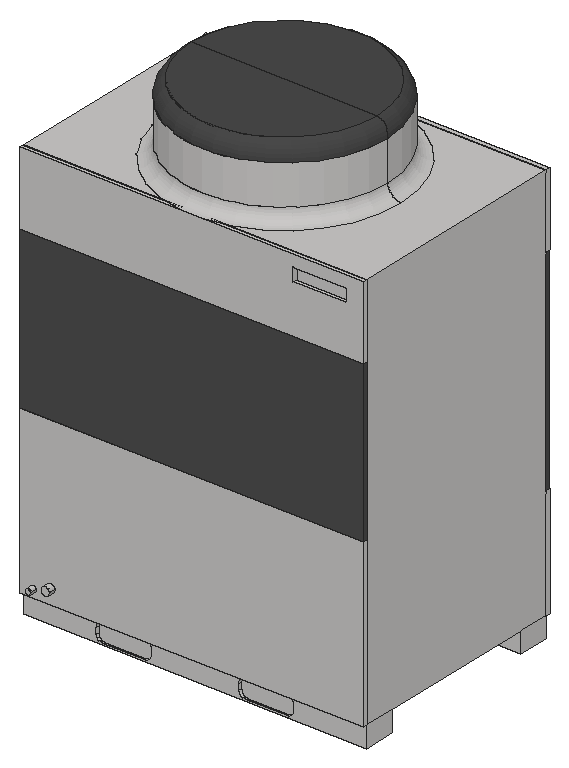
Revit family
Parameters (values of type "PURY-P144TGMU-A")
  Width = 1290 mm
  URL = ""
  Subcategory = "HVAC"
  Specification URL = "http://www.mrslim.com/customerCare/resources.asp"
  Sound Pressure Levels (dB(A)) = "61"
  SmartBIM Object Version = 3  # constant formula
  SmartBIM Object Created By = "Reed Construction Data"  # constant formula
  Refrigerant Type = "R410A"  # constant formula
  Refig Service Valve (Liquid) Radius = 10 mm
  Refig Service Valve (Gas) Radius = 15 mm
  Protection Devices Inverter = "Overcurrent protection, Overheat Protection"  # constant formula
  Protection Devices High Pressure Protection = "601Psi"  # constant formula
  Protection Devices Fan = "Thermal Switch"  # constant formula
  Protection Devices Compressor = "Over Heat Protection"  # constant formula
  Power Supply Unit = 15 mm
  Power Source = "208-230/3/60"
  Power Input Heating = "13.67 kW"  # constant formula
  Power Input Cooling = "14.20 kW"  # constant formula
  Refirigerant Pipe diameter (Liquid) = "7/8\""
  Refirigerant Pipe diameter (Gas) = "1-1/8\""
  Unit Weight (LBS) = "672"
  Model = "PURY-P144TGMU-A"
  Manufacturer URL = "http://www.mrslim.com/customerCare/resources.asp"
  Manufacturer = "Mitsubishi Electric"  # constant formula
  Lubricant = "MEL32"  # constant formula
  Installation URL = "http://www.mrslim.com/customerCare/resources.asp"
  Indoor Unit Total Capacity = "50% - 150% of outdoor unit capacity"  # constant formula
  Indoor Unit Model / Quantity = "P06-P96 / 1 ~ 22"  # constant formula
  High Static Pressure Motor = "PAC-KBU04MT-U-F"  # constant formula
  Height = 1840 mm
  Heating Outdoor = "-4°F (-20°C) WB ~ 60°F (15.5°C) WB"  # constant formula
  Fan Motor Output = "0.64 kW"  # constant formula
  MCA = "55/50"
  MOCP = "75"
  External Finish = Pre-coated Galvanized Sheet
  Description = "TGMU Units"  # constant formula
  Depth = 840 mm
  Default Elevation = 1219.2 mm
  Cooling Outdoor = "23°F (-5°C) DB ~ 109°F (43°C) DB"  # constant formula
  Heating Capacity (BTU) = "160000"
  Fan Type x Quantity = "Propeller Fan x 1"  # constant formula
  Current Heating (208/230) = "42.1 / 38.1 A"  # constant formula
  Current Cooling (208/230) = "43.8 / 39.6 A"  # constant formula
  Cooling Capacity (BTU) = "144000"
  Compressor Type = "Inverter scroll hermetic"
  Compressor Motor Output = "9.7 kW"  # constant formula
  Fan Airflow Rate = "8,450 CFM"  # constant formula
  Compressor Crankcase Heater = "57 Watt @ 230 V"  # constant formula
  Back Air Inlet Unit Material = Metal Grille
  Assembly Code = "D3050200"
  Air Outlet Unit Radius = 350 mm
  Air Outlet Unit Material = Metal Grill
  Air Inlet Unit Material = Grille
  Air Inlet Height = 600 mm
  Air Inlet Bck Unit Height = 804.4 mm
  95 CSI = "15670"  # constant formula
  04 CSI = "23 81 26"  # constant formula
Types (2, lengths in mm): name | Refirigerant Pipe diameter (Liquid) | Unit Weight (LBS) | Model | Air Outlet Unit Material
  PURY-P144TGMU-A | "7/8\"" | "672" | "PURY-P144TGMU-A" | Metal Grill
  PUHY-P144TGMU-A | "1/2\"" | "616" | "PUHY-P144TGMU-A" | Metal Grille
Reference planes
  plane 1 "Center (Front/Back)": y = 0
  plane 2: z = 0
  plane 3 "Center (Left/Right)": x = 0
  plane 4 "Top": z = 1840
  plane 5 "Back": y = 420
  plane 6 "Front": y = -420
  plane 7 "Left": x = -645
  plane 8 "Right": x = 645
  plane 9: z = 1775.012
  plane 10: z = 1575
  plane 11: z = 78
  plane 12: z = 699.8
  plane 13: z = 1299.8
  plane 14: y = -460
Forms (mm)
  Extrusion 1, solid, material "Pre-coated Galvanized Sheet" <- "External Finish"
    sketch origin (0, 0, 0) x (1, 0, 0) y (0, 0, 1)
      loop
        circle (-595, 107.633) r 10
      loop
        circle (-530, 133) r 15
    from 436 to 460
Dimensions and locks
  "Height": plane 4 "Top" to level
  equal spacing: plane 6 "Front", plane 1 "Center (Front/Back)", plane 5 "Back"
  "Depth": plane 6 "Front" to plane 5 "Back"
  equal spacing: plane 7 "Left", plane 3 "Center (Left/Right)", plane 8 "Right"
  "Width": plane 7 "Left" to plane 8 "Right"
  plane 4 "Top" to plane 10 = 265 mm
  plane 11 to level = 78 mm
  plane 12 to plane 11 = 621.8 mm
  plane 10 to level = 1575 mm
  locked: Extrusion 1 sketch curve to plane 11 at 19.633
  locked: plane 7 "Left" to Extrusion 1 sketch curve at 40
  locked: Extrusion 1 sketch curve to plane 11 at 40
  locked: plane 7 "Left" to Extrusion 1 sketch curve at 100
  locked: plane 6 "Front" to plane 14 at 40
  "Refig Service Valve (Liquid) Radius": radius of Extrusion 1 sketch curve
  "Refig Service Valve (Gas) Radius": radius of Extrusion 1 sketch curve
  aligned and locked: plane 3 "Center (Left/Right)" to nested 1
  aligned and locked: plane 1 "Center (Front/Back)" to nested 1
  aligned and locked: plane 4 "Top" to nested 1
  aligned and locked: plane 10 to nested 1
  aligned and locked: plane 14 to Extrusion 1
  aligned and locked: nested 1 to Extrusion 1
Nested families
  nested 1: "Out-Door-Unit-R2-Series_Mistdubishi_Electric" at (-2.074, 0.299, 0), type "Out-Door-Unit-R2-Series_Mistdubishi_Electric"
Connectors
  electrical at (-670, -236.461, 106.364)
    settings: on nested 1, index 3
  piping at (-595, -460, 107.633), driven by "Refig Service Valve (Liquid) Radius"
    settings: on Extrusion 1, index 7
  piping at (-530, -460, 133), driven by "Refig Service Valve (Gas) Radius"
    settings: on Extrusion 1, index 8
Definition of nested family "Out-Door-Unit-R2-Series_Mistdubishi_Electric"
  Parameters (values of type "Out-Door-Unit-R2-Series_Mistdubishi_Electric")
    Width = 1290 mm
    Refig Service Valve (Liquid) Radius = 10 mm
    Refig Service Valve (Gas) Radius = 15 mm
    Power Supply Unit = 15 mm
    Height = 1840 mm
    Grille = Metal Grille
    External Material = Pre-coated Galvanized Sheet
    Depth = 840 mm
    Default Elevation = 1219.2 mm
    Assembly Code = ""
    Air Outlet Unit Radius = 350 mm
    Air Outlet Unit Material = Metal Grille
    Air Inlet Unit Material = Grille
    Air Inlet Height = 600 mm
    Air Inlet Bck Unit Height = 804.4 mm
  Reference planes
    plane 1 "Center (Front/Back)": y = -0.299
    plane 2: z = 0
    plane 3 "Center (Left/Right)": x = 2.074
    plane 4: x = -642.926
    plane 5: x = 647.074
    plane 6: y = 419.701
    plane 7: y = -420.299
    plane 8: z = 1840
    plane 9: z = 787.5
    plane 10: z = 1575
    plane 11: z = 78
    plane 12: y = -303.299
    plane 13: y = -410.299
    plane 14: y = 302.701
    plane 15: z = 1299.8
    plane 16: z = 699.8
    plane 17: y = -436.299
    plane 18: y = 435.701
    plane 19: z = 999.8
    plane 20: y = 409.701
    plane 21: z = 1775
    plane 22: z = 495.4
    plane 23: x = -0.89
    plane 24: y = 216.884
    plane 25: x = -667.926
    plane 26: x = 352.074
    plane 27: y = -476.299
  Forms (mm)
    Extrusion 1, solid, material "Pre-coated Galvanized Sheet" <- "External Material"
      sketch origin (0, 0, 0) x (1, 0, 0) y (0, 1, 0)
        loop
          line (-642.926, 419.701) -> (-642.926, -420.299) -> (647.074, -420.299) -> (647.074, 419.701) -> (-642.926, 419.701)
      from 78 to 1575
    Revolve 2, solid, material "Pre-coated Galvanized Sheet" <- "External Material"
      sketch origin (0, -0.299, 0) x (1, 0, 0) y (0, 0, 1)
        loop
          line (2.074, 1575) -> (438.062, 1575)
          arc (438.062, 1575) -> (402.706, 1589.645) -> (388.062, 1625) r 50
          line (388.062, 1625) -> (388.062, 1775) -> (2.074, 1775) -> (2.074, 1575)
        axis (2.074, 1575) -> (2.074, 1775)
      angle from 0 to 360
    Revolve 3, solid, material "Grille" <- "Air Inlet Unit Material"
      sketch origin (0, -0.299, 0) x (1, 0, 0) y (0, 0, 1)
        loop
          line (2.074, 1775) -> (388.062, 1775)
          arc (388.062, 1775) -> (380.162, 1813.089) -> (352.074, 1840) r 65.574
          line (352.074, 1840) -> (2.074, 1840) -> (2.074, 1775)
        axis (2.074, 1775) -> (2.074, 1840)
      angle from 0 to 360
    Extrusion 4, solid, material "Pre-coated Galvanized Sheet" <- "External Material"
      sketch origin (0, -0.299, 0) x (1, 0, 0) y (0, 0, 1)
        loop
          line (-642.926, 0) -> (647.074, 0) -> (647.074, 78) -> (-642.926, 78) -> (-642.926, 0)
      from 420 to 303
    Extrusion 5, void
      sketch origin (0, -0.299, 0) x (1, 0, 0) y (0, 0, 1)
        loop
          arc (191.574, 74.424) -> (173.896, 67.102) -> (166.574, 49.424) r 25
          line (166.574, 49.424) -> (166.574, 28.424)
          arc (166.574, 28.424) -> (173.896, 10.747) -> (191.574, 3.424) r 25
          line (191.574, 3.424) -> (348.574, 3.424)
          arc (348.574, 3.424) -> (366.251, 10.747) -> (373.574, 28.424) r 25
          line (373.574, 28.424) -> (373.574, 49.424)
          arc (373.574, 49.424) -> (366.251, 67.102) -> (348.574, 74.424) r 25
          line (348.574, 74.424) -> (191.574, 74.424)
      from 410 to 420
    Extrusion 6, void
      sketch origin (4.148, -0.299, 0) x (-1, 0, 0) y (0, 0, -1)
        loop
          line (191.574, -74.424) -> (348.574, -74.424)
          arc (348.574, -74.424) -> (366.251, -67.102) -> (373.574, -49.424) r 25
          line (373.574, -49.424) -> (373.574, -28.424)
          arc (373.574, -28.424) -> (366.251, -10.747) -> (348.574, -3.424) r 25
          line (348.574, -3.424) -> (191.574, -3.424)
          arc (191.574, -3.424) -> (173.896, -10.747) -> (166.574, -28.424) r 25
          line (166.574, -28.424) -> (166.574, -49.424)
          arc (166.574, -49.424) -> (173.896, -67.102) -> (191.574, -74.424) r 25
      from 410 to 495
    Extrusion 7, solid, material "Pre-coated Galvanized Sheet" <- "External Material"
      sketch origin (0, -0.299, 0) x (1, 0, 0) y (0, 0, -1)
        loop
          line (-642.926, 0) -> (-642.926, -78) -> (647.074, -78) -> (647.074, 0) -> (-642.926, 0)
      from 420 to 303
    Extrusion 8, void
      sketch origin (4.148, -0.299, 0) x (-1, 0, 0) y (0, 0, 1)
        loop
          arc (191.574, 74.424) -> (173.896, 67.102) -> (166.574, 49.424) r 25
          line (166.574, 49.424) -> (166.574, 28.424)
          arc (166.574, 28.424) -> (173.896, 10.747) -> (191.574, 3.424) r 25
          line (191.574, 3.424) -> (348.574, 3.424)
          arc (348.574, 3.424) -> (366.251, 10.747) -> (373.574, 28.424) r 25
          line (373.574, 28.424) -> (373.574, 49.424)
          arc (373.574, 49.424) -> (366.251, 67.102) -> (348.574, 74.424) r 25
          line (348.574, 74.424) -> (191.574, 74.424)
      from 410 to 495
    Extrusion 9, void
      sketch origin (0, -0.299, 0) x (1, 0, 0) y (0, 0, -1)
        loop
          line (191.574, -74.424) -> (348.574, -74.424)
          arc (348.574, -74.424) -> (366.251, -67.102) -> (373.574, -49.424) r 25
          line (373.574, -49.424) -> (373.574, -28.424)
          arc (373.574, -28.424) -> (366.251, -10.747) -> (348.574, -3.424) r 25
          line (348.574, -3.424) -> (191.574, -3.424)
          arc (191.574, -3.424) -> (173.896, -10.747) -> (166.574, -28.424) r 25
          line (166.574, -28.424) -> (166.574, -49.424)
          arc (166.574, -49.424) -> (173.896, -67.102) -> (191.574, -74.424) r 25
      from 410 to 420
    Extrusion 10, solid, material "Pre-coated Galvanized Sheet" <- "External Material"
      sketch origin (0, 0, 0) x (1, 0, 0) y (0, 1, 0)
        loop
          line (-642.926, -436.299) -> (647.074, -436.299) -> (647.074, -420.299) -> (-642.926, -420.299) -> (-642.926, -436.299)
      from 1299.8 to 1575
    Extrusion 11, solid, material "Metal Grille" <- "Grille"
      sketch origin (0, 0, 0) x (1, 0, 0) y (0, 1, 0)
        loop
          line (-642.926, -420.299) -> (-642.926, -436.299) -> (647.074, -436.299) -> (647.074, -420.299) -> (-642.926, -420.299)
      from 699.8 to 1299.8
    Extrusion 12, solid, material "Pre-coated Galvanized Sheet" <- "External Material"
      sketch origin (0, 0, 0) x (1, 0, 0) y (0, 1, 0)
        loop
          line (-642.926, -420.299) -> (-642.926, -436.299) -> (647.074, -436.299) -> (647.074, -420.299) -> (-642.926, -420.299)
      from 78 to 699.8
    Extrusion 13, solid, material "Pre-coated Galvanized Sheet" <- "External Material"
      sketch origin (0, 0, 0) x (1, 0, 0) y (0, 1, 0)
        loop
          line (-642.926, 435.701) -> (-642.926, 419.701) -> (647.074, 419.701) -> (647.074, 435.701) -> (-642.926, 435.701)
      from 78 to 495.449
    Extrusion 14, solid, material "Pre-coated Galvanized Sheet" <- "External Material"
      sketch origin (0, 0, 0) x (1, 0, 0) y (0, 1, 0)
        loop
          line (-642.926, 419.701) -> (647.074, 419.701) -> (647.074, 435.701) -> (-642.926, 435.701) -> (-642.926, 419.701)
      from 1299.8 to 1575
    Extrusion 15, solid, material "Metal Grille" <- "Grille"
      sketch origin (0, 0, 0) x (1, 0, 0) y (0, 1, 0)
        loop
          line (-642.926, 429.701) -> (-642.926, 419.701) -> (647.074, 419.701) -> (647.074, 429.701) -> (-642.926, 429.701)
      from 495.449 to 1299.8
    Extrusion 16, void
      sketch origin (0, -0.299, 0) x (1, 0, 0) y (0, 0, 1)
        loop
          line (382.638, 1532.005) -> (382.638, 1482.005) -> (582.638, 1482.005) -> (582.638, 1532.005) -> (382.638, 1532.005)
      from 420 to 436
    Extrusion 17, solid
      sketch origin (0, 0, 0) x (1, 0, 0) y (0, 1, 0)
        loop
          circle (2.074, -0.299) r 350
      from 1775 to 1760.265
    Blend 18, solid, material "Pre-coated Galvanized Sheet" <- "External Material"
      base sketch origin (-25, 105.25, 0) x (1, 0, 0) y (0, 1, 0)
        loop
          line (-105.89, 161.634) -> (-105.89, 61.634) -> (154.11, 61.634) -> (154.11, 161.634) -> (-105.89, 161.634)
      top sketch origin (-25, 105.25, 0) x (1, 0, 0) y (0, 1, 0)
        loop
          line (2.074, 137.873) -> (2.074, 92.873) -> (52.074, 92.873) -> (52.074, 137.873) -> (2.074, 137.873)
      from 78 to 57.839
    Extrusion 19, solid, material "Pre-coated Galvanized Sheet" <- "External Material"
      sketch origin (2.074, 114.716, 23.557) x (0, 1, 0) y (0, 0, 1)
        loop
          circle (-351.177, 82.806) r 15
      from -670 to -645
  Cuts and joins
    Extrusion 5, Extrusion 6, Extrusion 8 cuts Extrusion 4
    Extrusion 8, Extrusion 9 cuts Extrusion 7
    Extrusion 16 cuts Extrusion 1
    Extrusion 16 cuts Extrusion 10
  Dimensions and locks
    equal spacing: plane 4, plane 3 "Center (Left/Right)", plane 5
    "Width": plane 4 to plane 5
    equal spacing: plane 6, plane 1 "Center (Front/Back)", plane 7
    "Depth": plane 6 to plane 7
    locked: plane 8 to Revolve 2 sketch curve at 65
    locked: plane 12 to plane 7 at 117
    Extrusion 5 sketch curve to Extrusion 5 sketch curve = 207 mm
    Extrusion 5 sketch curve to Extrusion 5 sketch curve = 71 mm
    locked: plane 13 to plane 7 at 10
    Extrusion 6 sketch curve to Extrusion 6 sketch curve = 207 mm
    Extrusion 6 sketch curve to Extrusion 6 sketch curve = 71 mm
    Extrusion 8 sketch curve to Extrusion 8 sketch curve = 207 mm
    Extrusion 8 sketch curve to Extrusion 8 sketch curve = 71 mm
    Extrusion 9 sketch curve to Extrusion 9 sketch curve = 207 mm
    Extrusion 9 sketch curve to Extrusion 9 sketch curve = 71 mm
    locked: plane 6 to plane 14 at 117
    locked: plane 7 to plane 17 at 16
    locked: plane 18 to plane 6 at 16
    equal spacing: plane 15, plane 19, plane 16
    "Air Inlet Height": plane 15 to plane 16
    locked: plane 6 to plane 20 at 10
    locked: plane 21 to plane 10 at 200
    locked: plane 8 to plane 21 at 65
    plane 8 to plane 10 = 265 mm
    "Height": plane 8 to level
    equal spacing: plane 10, plane 9, level
    plane 10 to level = 1575 mm
    locked: Extrusion 16 sketch curve to Extrusion 16 sketch curve at 50
    locked: Extrusion 16 sketch curve to Extrusion 16 sketch curve at 200
    "Air Inlet Bck Unit Height": plane 22 to plane 15
    locked: plane 4 to plane 25 at 25
    "Air Outlet Unit Radius": plane 26 to plane 3 "Center (Left/Right)"
    "Air Outlet Unit Radius": Revolve 3 sketch curve to plane 3 "Center (Left/Right)"
    locked: Revolve 2 sketch curve to plane 26 at 35.988
    locked: plane 26 to Revolve 2 sketch curve at 85.988
    plane 11 to level = 78 mm
    locked: plane 17 to plane 27 at 40
    "Air Outlet Unit Radius": radius of Extrusion 17 sketch curve
    "Power Supply Unit": radius of Extrusion 19 sketch curve
    aligned and locked: Extrusion 1 sketch curve to plane 4
    aligned and locked: Extrusion 1 sketch curve to plane 6
    aligned and locked: Extrusion 1 sketch curve to plane 5
    aligned and locked: Extrusion 1 sketch curve to plane 7
    aligned and locked: plane 10 to Extrusion 1
    aligned and locked: Revolve 3 sketch curve to Revolve 2
    aligned and locked: Revolve 3 sketch curve to plane 8
    aligned and locked: Extrusion 1 to plane 11
    aligned and locked: Extrusion 4 sketch curve to level
    aligned and locked: Extrusion 4 sketch curve to plane 11
    aligned and locked: Extrusion 4 sketch curve to plane 4
    aligned and locked: Extrusion 4 sketch curve to plane 5
    aligned and locked: Extrusion 4 to plane 12
    aligned and locked: Extrusion 4 to plane 7
    aligned and locked: Extrusion 5 to plane 7
    aligned and locked: plane 13 to Extrusion 5
    aligned and locked: plane 13 to cut or joined group of Extrusion 4, Extrusion 5, Extrusion 6, Extrusion 8
    aligned and locked: plane 14 to cut or joined group of Extrusion 7, Extrusion 8, Extrusion 9
    aligned and locked: cut or joined group of Extrusion 7, Extrusion 8, Extrusion 9 to plane 2
    aligned and locked: plane 6 to cut or joined group of Extrusion 7, Extrusion 8, Extrusion 9
    aligned and locked: plane 11 to cut or joined group of Extrusion 7, Extrusion 8, Extrusion 9
    aligned and locked: Extrusion 10 sketch curve to plane 17
    aligned and locked: Extrusion 10 sketch curve to plane 7
    aligned and locked: Extrusion 10 sketch curve to plane 4
    aligned and locked: Extrusion 10 sketch curve to plane 5
    aligned and locked: Extrusion 10 to Extrusion 1
    aligned and locked: Extrusion 10 to plane 15
    aligned and locked: Extrusion 11 sketch curve to plane 4
    aligned and locked: Extrusion 11 sketch curve to plane 17
    aligned and locked: Extrusion 11 sketch curve to plane 7
    aligned and locked: Extrusion 11 sketch curve to plane 5
    aligned and locked: plane 15 to Extrusion 11
    aligned and locked: Extrusion 11 to plane 16
    aligned and locked: Extrusion 12 sketch curve to plane 4
    aligned and locked: Extrusion 12 sketch curve to plane 7
    aligned and locked: Extrusion 12 sketch curve to plane 17
    aligned and locked: Extrusion 12 sketch curve to plane 5
    aligned and locked: Extrusion 12 to Extrusion 1
    aligned and locked: Extrusion 13 sketch curve to plane 18
    aligned and locked: Extrusion 13 sketch curve to plane 6
    aligned and locked: Extrusion 13 sketch curve to plane 4
    aligned and locked: Extrusion 13 sketch curve to plane 5
    aligned and locked: Extrusion 13 to Extrusion 1
    aligned and locked: Extrusion 14 sketch curve to plane 6
    aligned and locked: Extrusion 14 sketch curve to plane 18
    aligned and locked: Extrusion 14 sketch curve to plane 4
    aligned and locked: Extrusion 14 sketch curve to plane 5
    aligned and locked: Extrusion 15 sketch curve to plane 4
    aligned and locked: Extrusion 15 sketch curve to plane 6
    aligned and locked: Extrusion 15 sketch curve to plane 5
    aligned and locked: plane 15 to Extrusion 15
    aligned and locked: plane 16 to Extrusion 12
    aligned and locked: Extrusion 15 to plane 15
    aligned and locked: Extrusion 14 to plane 15
    aligned and locked: Extrusion 5 to Extrusion 6
    aligned and locked: plane 20 to cut or joined group of Extrusion 7, Extrusion 8, Extrusion 9
    aligned and locked: cut or joined group of Extrusion 7, Extrusion 8, Extrusion 9 to plane 20
    aligned and locked: cut or joined group of Extrusion 7, Extrusion 8, Extrusion 9 to plane 6
    aligned and locked: Extrusion 8 to cut or joined group of Extrusion 7, Extrusion 8, Extrusion 9  (x2)
    aligned and locked: plane 6 to Extrusion 9
    aligned and locked: plane 10 to Revolve 2
    aligned and locked: plane 21 to Revolve 2
    aligned and locked: Extrusion 16 to plane 17
    aligned and locked: plane 7 to Extrusion 16
    aligned and locked: Extrusion 17 to Revolve 2
    aligned and locked: Blend 18 to plane 11
    aligned and locked: plane 4 to Extrusion 19
    aligned and locked: Extrusion 19 to plane 25
    aligned: Extrusion 15 to Extrusion 13
  Automatic sketch dimensions
    Revolve 3 sketch curve to plane 3 "Center (Left/Right)" = 0 mm  (x2)
    Revolve 3 sketch curve to plane 8 = 58.674 mm
    Revolve 3 sketch curve to Revolve 3 sketch curve = 29.281 mm
    Revolve 3 sketch curve to Revolve 3 sketch curve = 20 mm
    Revolve 3 sketch curve to Revolve 3 sketch curve = 12.5 mm
    level to Extrusion 5 sketch curve = 28.424 mm
    plane 3 "Center (Left/Right)" to Extrusion 5 sketch curve = 164.5 mm
    level to Extrusion 5 sketch curve = 3.424 mm
    Extrusion 5 sketch curve to Extrusion 5 sketch curve = 25 mm  (x2)
    Extrusion 5 sketch curve to Extrusion 5 sketch curve = 0 mm
    Extrusion 6 sketch curve to level = 28.424 mm
    plane 3 "Center (Left/Right)" to Extrusion 6 sketch curve = 164.5 mm
    Extrusion 6 sketch curve to level = 3.424 mm
    Extrusion 6 sketch curve to Extrusion 6 sketch curve = 25 mm  (x2)
    Extrusion 6 sketch curve to Extrusion 6 sketch curve = 0 mm
    Extrusion 7 sketch curve to level = 0 mm
    Extrusion 7 sketch curve to plane 4 = 0 mm
    Extrusion 7 sketch curve to plane 5 = 0 mm
    Extrusion 7 sketch curve to plane 11 = 0 mm
    level to Extrusion 8 sketch curve = 28.424 mm
    Extrusion 8 sketch curve to plane 3 "Center (Left/Right)" = 164.5 mm
    level to Extrusion 8 sketch curve = 3.424 mm
    Extrusion 8 sketch curve to Extrusion 8 sketch curve = 25 mm  (x2)
    Extrusion 8 sketch curve to Extrusion 8 sketch curve = 0 mm
    level to Extrusion 9 sketch curve = 28.424 mm
    plane 3 "Center (Left/Right)" to Extrusion 9 sketch curve = 164.5 mm
    level to Extrusion 9 sketch curve = 3.424 mm
    Extrusion 9 sketch curve to Extrusion 9 sketch curve = 25 mm  (x2)
    Extrusion 9 sketch curve to Extrusion 9 sketch curve = 0 mm
    Extrusion 16 sketch curve to plane 10 = 92.995 mm
    Extrusion 16 sketch curve to plane 5 = 64.436 mm
    Extrusion 15 sketch curve to plane 18 = 6 mm
    Extrusion 17 sketch curve to plane 1 "Center (Front/Back)" = 0 mm
    Extrusion 17 sketch curve to plane 3 "Center (Left/Right)" = 0 mm
    Blend 18 sketch curve to plane 3 "Center (Left/Right)" = 132.964 mm
    Blend 18 sketch curve to plane 1 "Center (Front/Back)" = 167.183 mm
    plane 3 "Center (Left/Right)" to Blend 18 sketch curve = 127.036 mm
    Blend 18 sketch curve to Blend 18 sketch curve = 100 mm
    Blend 18 sketch curve to plane 3 "Center (Left/Right)" = 25 mm
    Blend 18 sketch curve to Blend 18 sketch curve = 50 mm
    Blend 18 sketch curve to plane 1 "Center (Front/Back)" = 198.422 mm
    Blend 18 sketch curve to Blend 18 sketch curve = 45 mm
    plane 11 to Extrusion 19 sketch curve = 28.364 mm
    plane 12 to Extrusion 19 sketch curve = 66.838 mm
    Revolve 2 sketch curve to plane 3 "Center (Left/Right)" = 0 mm  (x2)
    Revolve 2 sketch curve to plane 10 = 0 mm  (x2)
    Revolve 2 sketch curve to plane 26 = 85.988 mm
    plane 10 to Revolve 2 sketch curve = 60 mm
    Revolve 2 sketch curve to Revolve 2 sketch curve = 40 mm
